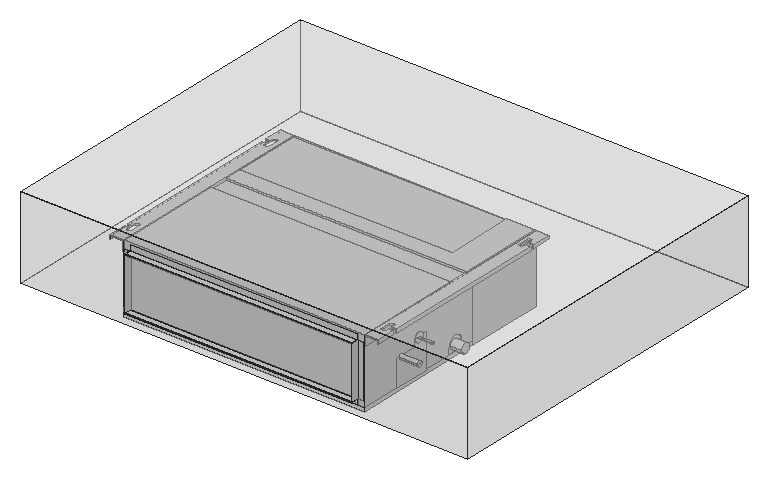
Revit family "outputfile", category 機械設備, Revit 2024
Family settings
  丸型コネクタ寸法 = 半径を使用
  パーツ タイプ = 標準
  OmniClass 番号 = 23.75.10.24.21.27.27
  OmniClass タイトル = Split System Air Conditioning Units
  作業面ベース = いいえ
  常に垂直 = はい
  ロード時にボイドで切り取り = いいえ
  注釈の向きを維持 = いいえ
  共有 = いいえ
  部屋計算ポイント = はい
Parameters (values of type "FXDQ25PDVTS")
  Description = ""
  製造元 = "Daikin"
  書き出し IFC クラス(タイプ) = "IfcUnitaryEquipmentType"
  定義済み IFC タイプ(タイプ) = "AIRCONDITIONINGUNIT"
  Cost = 0
  モデル = "FXDQ25PDVTS"
  Type Comments = ""
  Keynote = ""
  Type Image = (empty or 0)
  Assembly Code = ""
  w_pipe = 33.0 mm
  r_Liquid Pipe Size = Liquid Pipe Size / 2  # 3.2 mm
  r_Gas Pipe Size = Gas Pipe Size / 2  # 6.35 mm
  r_Drain Pipe Size = Drain Pipe Size / 2  # 10.0 mm
  lw_powersupply = 304.0 mm
  lh_suctionflange [instance] = if(Rear Connection_Return Air, 100.0 mm + [h***], 190.0 mm + [h***])  # 100.0 mm
  ld_suctionflange [instance] = if(Rear Connection_Return Air, 190.0 mm, 100.0 mm)  # 190.0 mm
  ld_powersupply = 60.0 mm
  angle_vertical_RA [instance] = if(Rear Connection_Return Air, 90.00°, 0.00°)  # 90.00°
  angle horizontal_RA [instance] = if(Rear Connection_Return Air, 180.00°, 270.00°)  # 180.00°
  Voltage_comment_50Hz = "220-240"
  Voltage_50Hz = 220 V
  URL = ""
  Supply Air Direction [instance] = yes
  Sound Power Level_H speed (dB) = 54
  Rear Connection_Return Air [instance] = not(Bottom Connection_Return Air)  # yes
  RA_length = 190.0 mm  # constant formula
  Phase_50Hz = 1
  Minimum External Static Pressure = 10.00 Pa
  Minimum Circuit Amps_50Hz = 0.7 A
  Maximum Fuse Amps_50Hz = 16.0 A
  Maximum External Static Pressure = 30.00 Pa
  Material_Casing = DAIKIN_GalvanizedSteel_Casing_indoorunit
  lw_liquidpipe = 46.0 mm  # constant formula
  lw_gaspipe = 57.0 mm  # constant formula
  lw_mountinghole_pitch = 740.0 mm  # constant formula
  lw_mountinghole = 20.0 mm  # constant formula
  lw_drainpipe = 33.0 mm  # constant formula
  lh_powersupply = 10.0 mm
  lh_liquidpipe = 110.0 mm
  lh_gaspipe = 87.0 mm
  lh_mountinghole = Height + [h***]  # 200.0 mm
  lh_drainpipe = 30.0 mm
  lh_antena = 1.0 mm  # constant formula
  ld_liquidpipe = 193.0 mm  # constant formula
  ld_gaspipe = 130.0 mm  # constant formula
  ld_mountinghole_pitch = 500.0 mm  # constant formula
  ld_drainpipe = 280.0 mm
  ld_controlbox = 626.0 mm  # constant formula
  h*** = 0.0 mm  # constant formula
  d_dischargeflange = 21.2 mm  # constant formula
  Width = 700.0 mm
  Version = "ver.1.0"
  Unit Type = "Slim Duct (Standard) Type"
  Unit Mass Weight = 23.00 kg
  Unit Designation [instance] = ""
  Uniclass2015Version = "Products v1.30"
  Uniclass2015Title = "Variable refrigerant flow units"
  Uniclass2015Code = "Pr_70_65_03_94"
  Total Heating Capacity [instance] = 0.000 kW
  Total Cooling Capacity [instance] = 0.000 kW
  Sound Pressure Level_M speed (dBA) = 0
  Sound Pressure Level_L speed (dBA) = 23
  Sound Pressure Level_H speed (dBA) = 28
  Series = "VRV Fan Coil Unit"
  Sensible Cooling Capacity [instance] = 0.000 kW
  SA Duct Size Width = 660.0 mm
  SA Duct Size Height = 153.0 mm
  Refrigerant Type = "R410A"
  RA Duct Size Width = 600.0 mm
  RA Duct Size Height = 180.0 mm
  Power Input (Heating) = 0.067 kW
  Power Input (Cooling) = 0.067 kW
  Option Accessory 3 [instance] = ""
  Option Accessory 2 [instance] = ""
  Option Accessory 1 [instance] = ""
  Nominal Heating Capacity = 3.200 kW
  Nominal Cooling Capacity = 2.800 kW
  Minimum Airflow = 384.00 m³/h
  Median Airflow = 432.00 m³/h
  Maximum Airflow = 480.00 m³/h
  Load Classification = HVAC
  Liquid Pipe Size = 6.4 mm
  Link_Nested Family [instance] = ""
  IfcVersion = "0"
  IfcExportType = "AIRCONDITIONINGUNIT"
  IfcExportAs = "IfcUnitaryEquipmentType"
  Height = 200.0 mm
  Heating Entering Wet Bulb Temperature [instance] = 0.00 °C
  Heating Entering Dry Bulb Temperature [instance] = 0.00 °C
  Heating Ambient Wet Bulb Temperature [instance] = 0.00 °C
  Heating Ambient Dry Bulb Temperature [instance] = 0.00 °C
  Heat Exchanger Type = "Cross Fin Coil"
  Gas Pipe Size = 12.7 mm
  Frequency_50Hz = 50 Hz
  Fan Type = "Sirocco Fan"
  Fan Drive = "Direct Drive"
  FCU Tag No. [instance] = ""
  Drain Pipe Size = 20.0 mm
  Design Supply Airflow [instance] = 0.00 m³/h
  Design Return Airflow [instance] = 0.00 m³/h
  Design External Static Pressure [instance] = 0.00 Pa
  Depth = 620.0 mm
  既定の高さ = 0.0 mm
  Cooling Entering Wet Bulb Temperature [instance] = 0.00 °C
  Cooling Entering Dry Bulb Temperature [instance] = 0.00 °C
  Cooling Ambient Wet Bulb Temperature [instance] = 0.00 °C
  Cooling Ambient Dry Bulb Temperature [instance] = 0.00 °C
  Clearance visibility [instance] = yes
  Clearance Top = 20.0 mm
  Clearance Right = 300.0 mm
  Clearance Rear = 400.0 mm
  Clearance Left = 300.0 mm
  Clearance Front = 0.0 mm
  Clearance Bottom = 20.0 mm
  Bottom Connection_Return Air [instance] = no
Reference planes
  plane 1 "Center (Front/Back)": y = 0
  plane 2: z = 0
  plane 3 "Center (Left/Right)": x = 0
  plane 4 "Back": y = 310
  plane 5 "Front": y = -310
  plane 6 "Left": x = -350
  plane 7 "Right": x = 350
  plane 8 "Top": z = 0
  plane 9 "Bottom": z = -200
  plane 10: x = 330
  plane 11: x = -330
  plane 12: z = -190
  plane 13: z = -6
  plane 14: z = -22
  plane 15: z = -90
  plane 16: z = -113
  plane 17: x = -304
  plane 18: x = 304
  plane 19: x = -370
  plane 20: x = 370
  plane 21: y = -250
  plane 22: y = 250
  plane 23: x = -390
  plane 24: x = 390
  plane 25: x = 396
  plane 26: x = 407
  plane 27: x = 383
  plane 28: z = 0
  plane 29: z = -170
  plane 30 "Clearance Left": x = -650
  plane 31 "Clearance Right": x = 650
  plane 32 "Clearance Rear": y = 710
  plane 33 "Clearance Front": y = -310
  plane 34 "Clearance Top": z = 20
  plane 35 "Clearance Bottom": z = -220
  plane 36: z = -21
  plane 37: z = -170
  plane 38: z = -96.5
  plane 39: x = -40
  plane 40: y = -180
  plane 41: y = -117
  plane 42: y = -30
  plane 43: y = 20
  plane 44: z = -97.5
  plane 45: y = -309
  plane 46: x = -349
  plane 47: z = -100
  plane 48: z = -30
  plane 49: y = 210
  plane 50: z = 301
  plane 51: z = -199
  plane 52: y = 120
  plane 53: z = -101
  plane 54: x = 380
  plane 55: z = 11
  plane 56: z = 102.5
Forms (mm)
  Extrusion 1, solid
    sketch origin (0, 0, 0) x (1, 0, 0) y (0, 0, 1)
      loop
        line (-350, -190) -> (-350, -200) -> (350, -200) -> (350, -190) -> (-350, -190)
    from -84 to 310
  Extrusion 2, solid, material "DAIKIN_GalvanizedSteel_Casing_indoorunit" <- "Material_Casing"
    sketch origin (0, 0, 0) x (1, 0, 0) y (0, 1, 0)
      loop
        line (-350, -309) -> (350, -309) -> (350, 310) -> (-350, 310) -> (-350, -309)
    from -200 to 0
  Extrusion 3, void
    sketch origin (0, 0, 1) x (1, 0, 0) y (0, 1, 0)
      loop
        line (-350, 62.179) -> (-350, 4.179) -> (350, 4.179) -> (350, 62.179) -> (-350, 62.179)
    from -1 to -7
  Extrusion 4, void
    sketch origin (0, 0, 0) x (0, 1, 0) y (0, 0, 1)
      loop
        line (-5, -190) -> (45, -190) -> (45, -170)
        arc (45, -170) -> (20, -145) -> (-5, -170) r 25
        line (-5, -170) -> (-5, -190)
    from 350 to 345
  Revolve 5, solid, material "DAIKIN_GalvanizedSteel_Casing_indoorunit" <- "Material_Casing"
    sketch origin (0, 0, -113) x (0, -1, 0) y (1, 0, 0)
      loop
        line (173.65, 351) -> (180, 351) -> (180, 407) -> (173.65, 407) -> (173.65, 351)
      axis (180, 351) -> (180, 407)
    angle from 0 to 360
  Revolve 6, solid, material "DAIKIN_GalvanizedSteel_Casing_indoorunit" <- "Material_Casing"
    sketch origin (0, 0, -90) x (0, -1, 0) y (1, 0, 0)
      loop
        line (117, 351) -> (117, 396) -> (113.8, 396) -> (113.8, 351) -> (117, 351)
      axis (117, 396) -> (117, 351)
    angle from 0 to 360
  Extrusion 7, solid, material "DAIKIN_GalvanizedSteel_Casing_indoorunit" <- "Material_Casing"
    sketch origin (0, 0, 0) x (0, 1, 0) y (0, 0, 1)
      loop
        circle (-116, -90) r 12.7
    from 350 to 355.007
  Extrusion 8, solid, material "DAIKIN_GalvanizedSteel_Casing_indoorunit" <- "Material_Casing"
    sketch origin (0, 0, 0) x (0, 1, 0) y (0, 0, 1)
      loop
        circle (20, -170) r 13
    from 345 to 380
  Extrusion 9, solid, material "DAIKIN_GalvanizedSteel_Casing_indoorunit" <- "Material_Casing"
    sketch origin (0, 0, 0) x (1, 0, 0) y (0, 0, 1)
      loop
        line (-350, -190) -> (-350, -200) -> (350, -200) -> (350, -190) -> (-350, -190)
    from -84 to 310
  Extrusion 10, solid, material "DAIKIN_GalvanizedSteel_Casing_indoorunit" <- "Material_Casing", visible <- "Bottom Connection_Return Air"
    sketch origin (0, 0, 0) x (1, 0, 0) y (0, 0, 1)
      loop
        line (269, -200) -> (269, -1) -> (-349, -1) -> (-349, -200) -> (269, -200)
    from -310 to -309
  Extrusion 11, void
    sketch origin (0, 0, 0) x (1, 0, 0) y (0, 0, 1)
      loop
        line (269, 0) -> (-349, 0) -> (-349, -1) -> (269, -1) -> (269, 0)
    from -310 to -111
  Extrusion 12, solid, material "DAIKIN_GalvanizedSteel_Casing_indoorunit" <- "Material_Casing", visible <- "Rear Connection_Return Air"
    sketch origin (0, 0, 0) x (1, 0, 0) y (0, 1, 0)
      loop
        line (-349, 310) -> (-349, 111) -> (269, 111) -> (269, 310) -> (-349, 310)
    from -200 to -199
  Extrusion 13, solid, material "DAIKIN_GalvanizedSteel_Casing_indoorunit" <- "Material_Casing"
    sketch origin (0, 0, 0) x (0, 1, 0) y (0, 0, 1)
      loop
        line (-194, -113) -> (-194, -190) -> (-88.3, -190) -> (-88.3, -90) -> (-103.3, -90)
        arc (-103.3, -90) -> (-116, -102.7) -> (-128.7, -90) r 12.7
        line (-128.7, -90) -> (-128.7, -113) -> (-173.65, -113)
        arc (-173.65, -113) -> (-180, -119.35) -> (-186.35, -113) r 6.35
        line (-186.35, -113) -> (-194, -113)
    from 351 to 350
  Extrusion 14, solid, material "DAIKIN_GalvanizedSteel_Casing_indoorunit" <- "Material_Casing"
    sketch origin (0, 0, 0) x (0, 1, 0) y (0, 0, 1)
      loop
        line (84, -199) -> (310, -199) -> (310, -22) -> (91, -22) -> (84, -29) -> (84, -199)
    from 351 to 350
Cuts and joins
  Extrusion 3, Extrusion 4, Extrusion 11 cuts Extrusion 2
  Extrusion 4 cuts Extrusion 1
  Extrusion 11 cuts Extrusion 9
Dimensions and locks
  "lh_powersupply": plane 12 to plane 9 "Bottom"
  locked: plane 8 "Top" to plane 13 at 6
  "Height": plane 8 "Top" to plane 9 "Bottom"
  equal spacing: plane 17, plane 3 "Center (Left/Right)", plane 18, locked at 304 each
  locked: plane 17 to plane 18 at 608
  equal spacing: plane 19, plane 3 "Center (Left/Right)", plane 20, locked at 370 each
  "lw_mountinghole_pitch": plane 19 to plane 20
  locked: plane 14 to plane 9 "Bottom" at 178
  "lw_mountinghole": plane 23 to plane 19
  "lh_liquidpipe": plane 15 to plane 9 "Bottom"
  "lh_gaspipe": plane 16 to plane 9 "Bottom"
  "lh_mountinghole": plane 28 to plane 9 "Bottom"
  "ld_mountinghole_pitch": plane 22 to plane 21
  equal spacing: plane 6 "Left", plane 3 "Center (Left/Right)", plane 7 "Right", locked at 350 each
  "Width": plane 6 "Left" to plane 7 "Right"
  "lh_drainpipe": plane 29 to plane 9 "Bottom"
  "Clearance Right": plane 7 "Right" to plane 31 "Clearance Right"
  "Clearance Left": plane 30 "Clearance Left" to plane 6 "Left"
  "lw_gaspipe": plane 7 "Right" to plane 26
  "lw_liquidpipe": plane 7 "Right" to plane 25
  "lw_drainpipe": plane 7 "Right" to plane 27
  "Clearance Rear": plane 32 "Clearance Rear" to plane 4 "Back"
  "Clearance Front": plane 5 "Front" to plane 33 "Clearance Front"
  "Clearance Top": plane 34 "Clearance Top" to plane 8 "Top"
  "Clearance Bottom": plane 9 "Bottom" to plane 35 "Clearance Bottom"
  "ld_powersupply": plane 4 "Back" to plane 22
  "lw_powersupply": plane 3 "Center (Left/Right)" to plane 18
  locked: plane 8 "Top" to plane 36 at 21
  locked: plane 8 "Top" to plane 37 at 170
  locked: plane 40 to plane 41 at 63
  locked: plane 38 to plane 9 "Bottom" at 103.5
  locked: plane 36 to plane 44 at 76.5
  "Depth": plane 4 "Back" to plane 5 "Front"
  equal spacing: plane 4 "Back", plane 1 "Center (Front/Back)", plane 5 "Front"
  locked: plane 45 to plane 5 "Front" at 1
  locked: plane 46 to plane 6 "Left" at 1
  Extrusion 10 sketch curve to Extrusion 10 sketch curve = 199.0 mm
  locked: nested 12 to plane 39 at 300
  locked: plane 12 to plane 47 at 90
  plane 32 "Clearance Rear" to Extrusion 10 = 401.0 mm
  locked: plane 48 to plane 35 "Clearance Bottom" at 190
  locked: plane 49 to nested 13 at 90
  plane 50 to plane 28 = 301.0 mm
  locked: plane 51 to plane 9 "Bottom" at 1
  "ld_suctionflange": plane 4 "Back" to plane 52
  locked: plane 53 to plane 9 "Bottom" at 99
  locked: plane 54 to plane 7 "Right" at 30
  aligned and locked: level to plane 2
  aligned and locked: Extrusion 2 to plane 9 "Bottom"
  aligned and locked: plane 8 "Top" to Extrusion 2
  aligned and locked: Revolve 5 sketch curve to Revolve 5 sketch curve
  aligned and locked: plane 15 to Extrusion 7 sketch curve
  aligned and locked: cut or joined group of Extrusion 1, Extrusion 4 to plane 9 "Bottom"
  aligned and locked: plane 24 to nested 1
  aligned and locked: nested 1 to plane 23
  aligned and locked: plane 25 to nested 6
  aligned and locked: nested 6 to plane 15
  aligned and locked: nested 2 to plane 22
  aligned and locked: plane 20 to nested 2
  aligned and locked: plane 20 to nested 3
  aligned and locked: plane 19 to nested 4
  aligned and locked: plane 22 to nested 5
  aligned and locked: nested 5 to plane 22
  aligned and locked: plane 19 to nested 5
  aligned and locked: plane 22 to nested 11
  aligned and locked: plane 18 to nested 11  (x2)
  aligned and locked: nested 11 to plane 18
  aligned and locked: plane 4 "Back" to nested 11
  aligned and locked: cut or joined group of Extrusion 2, Extrusion 3, Extrusion 4, Extrusion 11 to nested 11
  aligned and locked: nested 11 to plane 12
  aligned and locked: plane 8 "Top" to nested 1
  aligned and locked: Extrusion 9 to plane 5 "Front"
  aligned and locked: Extrusion 9 to plane 9 "Bottom"
  aligned and locked: nested 7 to plane 16
  aligned and locked: plane 4 "Back" to nested 1
  aligned and locked: plane 40 to nested 7
  aligned and locked: plane 41 to nested 6
  aligned and locked: Extrusion 8 sketch curve to plane 43
  aligned and locked: nested 12 to plane 46
  aligned and locked: plane 4 "Back" to Extrusion 11
  aligned and locked: Extrusion 12 to nested 13
  aligned and locked: plane 8 "Top" to Extrusion 3
  aligned and locked: Extrusion 10 to cut or joined group of Extrusion 2, Extrusion 3, Extrusion 4, Extrusion 11
  aligned and locked: plane 9 "Bottom" to Extrusion 12  (x2)
  aligned and locked: Extrusion 12 to plane 51
  aligned and locked: plane 4 "Back" to nested 12
  aligned and locked: Extrusion 11 to level
  aligned and locked: plane 32 "Clearance Rear" to nested 14
  aligned and locked: plane 31 "Clearance Right" to nested 14
  aligned and locked: plane 30 "Clearance Left" to nested 14
  aligned and locked: nested 14 to plane 33 "Clearance Front"
  aligned and locked: nested 14 to plane 34 "Clearance Top"
  aligned and locked: nested 14 to plane 35 "Clearance Bottom"
  aligned and locked: plane 7 "Right" to Extrusion 13
  aligned and locked: plane 4 "Back" to Extrusion 14
  aligned and locked: Extrusion 14 to plane 51
  aligned and locked: plane 7 "Right" to Extrusion 14
  aligned and locked: Extrusion 13 to Revolve 5 sketch curve
  aligned and locked: Extrusion 3 to plane 13
  aligned and locked: plane 52 to nested 15
  aligned and locked: Extrusion 11 to nested 13
  aligned and locked: Extrusion 8 to plane 54
  aligned and locked: nested 8 to plane 54
  aligned and locked: plane 43 to nested 8
  aligned and locked: nested 8 to plane 37
  aligned and locked: nested 10 to plane 1 "Center (Front/Back)"
  aligned and locked: plane 46 to Extrusion 10
  aligned and locked: nested 12 to plane 51
  aligned and locked: plane 3 "Center (Left/Right)" to nested 10
  aligned and locked: plane 13 to nested 16
  aligned and locked: plane 45 to nested 16
  aligned and locked: plane 44 to nested 9
  aligned and locked: level to plane 8 "Top"
Automatic sketch dimensions
  Extrusion 1 sketch curve to plane 6 "Left" = 0.0 mm
  Extrusion 1 sketch curve to plane 7 "Right" = 0.0 mm
  Extrusion 1 sketch curve to plane 9 "Bottom" = 0.0 mm
  Extrusion 1 sketch curve to plane 12 = 0.0 mm
  Extrusion 2 sketch curve to plane 4 "Back" = 0.0 mm
  Extrusion 2 sketch curve to plane 6 "Left" = 0.0 mm
  Extrusion 2 sketch curve to plane 7 "Right" = 0.0 mm
  Extrusion 2 sketch curve to plane 45 = 0.0 mm
  Extrusion 3 sketch curve to plane 6 "Left" = 0.0 mm
  Extrusion 3 sketch curve to plane 7 "Right" = 0.0 mm
  Extrusion 3 sketch curve to plane 1 "Center (Front/Back)" = 4.179 mm
  plane 43 to Extrusion 3 sketch curve = 42.179 mm
  Extrusion 4 sketch curve to plane 37 = 0.0 mm
  Extrusion 4 sketch curve to plane 12 = 0.0 mm
  Extrusion 4 sketch curve to plane 43 = 0.0 mm
  plane 1 "Center (Front/Back)" to Extrusion 4 sketch curve = 5.0 mm
  Revolve 6 sketch curve to plane 25 = 0.0 mm  (x2)
  Revolve 6 sketch curve to plane 41 = 0.0 mm  (x2)
  plane 41 to Revolve 6 sketch curve = 3.2 mm
  plane 7 "Right" to Revolve 6 sketch curve = 1.0 mm
  Revolve 6 sketch curve to Revolve 6 sketch curve = 0.0 mm
  plane 41 to Extrusion 7 sketch curve = 1.0 mm
  Extrusion 8 sketch curve to plane 37 = 0.0 mm
  Extrusion 9 sketch curve to plane 6 "Left" = 0.0 mm
  Extrusion 9 sketch curve to plane 7 "Right" = 0.0 mm
  Extrusion 9 sketch curve to plane 9 "Bottom" = 0.0 mm
  Extrusion 9 sketch curve to plane 12 = 0.0 mm
  plane 46 to Extrusion 10 sketch curve = 0.0 mm
  Extrusion 10 sketch curve to plane 18 = 35.0 mm
  plane 46 to Extrusion 11 sketch curve = 0.0 mm
  Extrusion 11 sketch curve to plane 18 = 35.0 mm
  Extrusion 11 sketch curve to plane 8 "Top" = 1.0 mm
  Extrusion 12 sketch curve to plane 46 = 0.0 mm
  Extrusion 12 sketch curve to plane 4 "Back" = 0.0 mm
  Extrusion 12 sketch curve to plane 18 = 35.0 mm
  plane 43 to Extrusion 12 sketch curve = 91.0 mm
  plane 35 "Clearance Bottom" to Extrusion 11 sketch curve = 220.0 mm
  Extrusion 10 sketch curve to plane 51 = 1.0 mm
  Extrusion 13 sketch curve to plane 12 = 0.0 mm
  Extrusion 13 sketch curve to plane 16 = 0.0 mm
  Extrusion 13 sketch curve to plane 40 = 0.0 mm
  Extrusion 13 sketch curve to plane 15 = 0.0 mm
  Extrusion 13 sketch curve to Extrusion 13 sketch curve = 6.35 mm
  Extrusion 13 sketch curve to Extrusion 13 sketch curve = 7.65 mm
  Extrusion 13 sketch curve to plane 41 = 11.7 mm
  plane 41 to Extrusion 13 sketch curve = 1.0 mm
  Extrusion 13 sketch curve to Extrusion 13 sketch curve = 27.7 mm
  Extrusion 14 sketch curve to plane 51 = 0.0 mm
  Extrusion 14 sketch curve to plane 14 = 0.0 mm
  plane 48 to Extrusion 14 sketch curve = 1.0 mm
  plane 43 to Extrusion 14 sketch curve = 64.0 mm
  Extrusion 14 sketch curve to Extrusion 14 sketch curve = 7.0 mm
  Extrusion 14 sketch curve to plane 4 "Back" = 0.0 mm
  Revolve 5 sketch curve to plane 26 = 0.0 mm
  Revolve 5 sketch curve to plane 40 = 0.0 mm
  Revolve 5 sketch curve to Revolve 5 sketch curve = 1.003 mm  (x2)
  plane 40 to Revolve 5 sketch curve = 6.35 mm
  radius of Extrusion 7 sketch curve = 12.7 mm
  radius of Extrusion 8 sketch curve = 13.0 mm
Nested families
  nested 1: "daikin_hangerfixture_FXDQ-PDVTS" at (0, 0.5, 0), type "daikin_hangerfixture_FXDQ-PDVTS"
  nested 2: "daikin_mountinghole" at (370, 250, -200), l_antenna <- "lh_antena", Link_Nested Family <- "Link_Nested Family", h_mountinghole <- "lh_mountinghole", type "daikin_mountinghole"
    with show yes, l_antenna 1.0 mm, h_mountinghole 200.0 mm, Link_Nested Family ""
  nested 3: "daikin_mountinghole" at (370, -250, -200), Link_Nested Family <- "Link_Nested Family", l_antenna <- "lh_antena", h_mountinghole <- "lh_mountinghole", type "daikin_mountinghole"
    with show yes, l_antenna 1.0 mm, h_mountinghole 200.0 mm, Link_Nested Family ""
  nested 4: "daikin_mountinghole" at (-370, -250, -200), l_antenna <- "lh_antena", Link_Nested Family <- "Link_Nested Family", h_mountinghole <- "lh_mountinghole", type "daikin_mountinghole"
    with show yes, l_antenna 1.0 mm, h_mountinghole 200.0 mm, Link_Nested Family ""
  nested 5: "daikin_mountinghole" at (-370, 250, -200), l_antenna <- "lh_antena", Link_Nested Family <- "Link_Nested Family", h_mountinghole <- "lh_mountinghole", type "daikin_mountinghole"
    with show yes, l_antenna 1.0 mm, h_mountinghole 200.0 mm, Link_Nested Family ""
  nested 6: "daikin_connector_rotate2" at (350, -117, -90) x (0, 1, 0) z (0, 0, 1), length <- "lw_liquidpipe", built-in parameter 1001364 <- "lh_liquidpipe", radius <- "r_Liquid Pipe Size", type "daikin_connector_rotate2"
    with radius 3.2 mm, length 46.0 mm, angle_vertical 90.00°, show_face no
  nested 7: "daikin_connector_rotate2" at (350, -180, -113) x (0, 1, 0) z (0, 0, 1), length <- "lw_gaspipe", built-in parameter 1001364 <- "lh_gaspipe", radius <- "r_Gas Pipe Size", type "daikin_connector_rotate2"
    with radius 6.35 mm, length 57.0 mm, angle_vertical 90.00°, show_face no
  nested 8: "daikin_connector_rotate2" at (347, 20, -170) x (0, 1, 0) z (0, 0, 1), built-in parameter 1001364 <- "lh_drainpipe", length <- "lw_drainpipe", radius <- "r_Drain Pipe Size", type "daikin_connector_rotate2"
    with radius 10.0 mm, length 33.0 mm, angle_vertical 90.00°, show_face no
  nested 9: "daikin_connector_rotate2" at (0, -309, -97.5), length <- "d_dischargeflange", type "daikin_connector_rotate2"
    with radius 10.0 mm, length 21.2 mm, angle_vertical 90.00°, show_face no
  nested 10: "daikin_△_symbolicline" at (-75, -129.904, 200) x (-0.5, 0.866, 0) z (0, 0, 1), built-in parameter 1001364 <- "Height", visible <- "Supply Air Direction", type "daikin_△_symbolicline"
    with length 300.0 mm
  nested 11: "daikin_connector_rotate2" at (304, 250, -190) x (-1, 0, 0) z (0, 0, 1), built-in parameter 1001364 <- "lh_powersupply", length <- "ld_powersupply", type "daikin_connector_rotate2"
    with radius 10.0 mm, length 60.0 mm, angle_vertical 90.00°, show_face no
  nested 12: "daikin_ductflange_FXDQ-PDVTS2" at (-40, 310, -100), visible <- "Rear Connection_Return Air", material <- "Material_Casing", type "daikin_ductflange_FXDQ-PDVTS2"
    with width 620.0 mm, material DAIKIN_GalvanizedSteel_Casing_indoorunit, height 180.0 mm, depth 21.2 mm
  nested 13: "daikin_ductflange_FXDQ-PDVTS2" at (-40, 210, -200) x (1, 0, 0) z (0, 1, 0), visible <- "Bottom Connection_Return Air", material <- "Material_Casing", type "daikin_ductflange_FXDQ-PDVTS2"
    with width 620.0 mm, material DAIKIN_GalvanizedSteel_Casing_indoorunit, height 180.0 mm, depth 21.2 mm
  nested 14: "daikin_clearancespace" at (0, 200, -99.881), visible <- "Clearance visibility", show <- "Clearance visibility", Link_Nested Family <- "Link_Nested Family", type "daikin_clearancespace"
    with width 1300.0 mm, show yes, height 240.0 mm, depth 1020.0 mm, Link_Nested Family ""
  nested 15: "daikin_connector_rotate3" at (-40, 120, -100), built-in parameter 1001364 <- "lh_suctionflange", angle_vertical <- "angle_vertical_RA", angle_horizontal <- "angle horizontal_RA", length <- "RA_length", type "daikin_connector_rotate3"
    with show no, radius 10.0 mm, length 190.0 mm, angle_vertical 90.00°, angle_horizontal 180.00°
  nested 16: "daikin_ductflange_FXDQ-PDVTS" at (0, 4.5, -364.201), type "daikin_ductflange_FXDQ-PDVTS"
    with width 660.0 mm, material DAIKIN_GalvanizedSteel_Casing_indoorunit, height 155.0 mm, depth 21.2 mm
Connectors
  piping at (407, -180, -113), diameter 12.7, driven by "r_Gas Pipe Size"
    settings: on nested 7, index 1, connector inside diameter 609.6 mm, connector length 0.0 mm, flow factor 0, pipe flow 0.00 m³/h, pressure drop 0.0 Pa, fitting loss kfactor 0, connector angle 0.00°, fixture units 0, engagement length 0.0 mm, angle of deflection 0.00°, flow configuration 1, flow direction 2, fitting loss method 0, system type 29, joint type 0, gender type 0, connector reference index -1, connector utility 0, adjustable connector no, is connector primary yes, connector description "Refrigerant Gas Piping"
  piping at (396, -117, -90), diameter 6.4, driven by "r_Liquid Pipe Size"
    settings: on nested 6, index 2, connector inside diameter 609.6 mm, connector length 0.0 mm, flow factor 0, pipe flow 0.00 m³/h, pressure drop 0.0 Pa, fitting loss kfactor 0, connector angle 0.00°, fixture units 0, engagement length 0.0 mm, angle of deflection 0.00°, flow configuration 1, flow direction 1, fitting loss method 0, system type 29, joint type 0, gender type 0, connector reference index -1, connector utility 0, adjustable connector no, is connector primary no, connector description "Refrigerant Liquid Piping"
  piping at (380, 20, -170), diameter 20, driven by "r_Drain Pipe Size"
    settings: on nested 8, index 3, connector inside diameter 609.6 mm, connector length 0.0 mm, flow factor 0, pipe flow 0.00 m³/h, pressure drop 0.0 Pa, fitting loss kfactor 0, connector angle 0.00°, fixture units 0, engagement length 0.0 mm, angle of deflection 0.00°, flow configuration 1, flow direction 2, fitting loss method 4, system type 16, joint type 0, gender type 0, connector reference index -1, connector utility 0, adjustable connector no, is connector primary no, connector description "Condensate Drain Piping"
  hvac at (0, -330.2, -97.5), driven by "SA Duct Size Height", driven by "SA Duct Size Width"
    settings: on nested 9, index 7, duct flow 0.00 m³/h, flow factor 0, pres drop 0.00 Pa, loss coef 0, conn angle 0.00°, conn width 660.0 mm, conn height 153.0 mm, conn diameter 609.6 mm, duct sys type 1, conn prof type 1, flow config 0, flow direction 2, loss method 4, conn ref index -1, conn util no, is conn primary yes, conn desc "SA Duct"
  electrical at (304, 310, -190), driven by "Load Classification"
    settings: on nested 11, index 9, voltage 0 V, apparent load 0 VA, apparent load phase1 0 VA, apparent load phase2 0 VA, apparent load phase3 0 VA, power factor 1, load classification "HVAC", number of poles 1, system type 30, power factor state 1, is connector primary yes, connector utility no, sub classification motor no, connector description "Power Supply"
  hvac at (-40, 310, -100), driven by "RA Duct Size Height", driven by "RA Duct Size Width"
    settings: on nested 15, index 10, duct flow 0.00 m³/h, flow factor 0, pres drop 0.00 Pa, loss coef 0, conn angle 0.00°, conn width 600.0 mm, conn height 180.0 mm, conn diameter 609.6 mm, duct sys type 2, conn prof type 1, flow config 0, flow direction 1, loss method 4, conn ref index -1, conn util no, is conn primary no, conn desc "RA Duct"
Definition of nested family "daikin_hangerfixture_FXDQ-PDVTS"
  Parameters (values of type "daikin_hangerfixture_FXDQ-PDVE")
    width = 48.0 mm
    material = none
    height = 65.0 mm
    depth = 619.0 mm
    Default Elevation = 0.0 mm
  Reference planes
    plane 1 "Center (Front/Back)": y = 0
    plane 2: z = 0
    plane 3 "Center (Left/Right)": x = 0
    plane 4: x = 350
    plane 5: y = 309.5
    plane 6: y = -309.5
  Forms (mm)
    Extrusion 1, solid, material <- "material"
      sketch origin (0, 0, 0) x (1, 0, 0) y (0, 0, 1)
        loop
          line (350, 0) -> (350, -30) -> (352.3, -30) -> (352.3, -2.3) -> (387.7, -2.3) -> (387.7, -10) -> (390, -10) -> (390, 0) -> (350, 0)
      from -309.5 to 309.5
    Extrusion 2, void
      sketch origin (0, 0, 0) x (0, 1, 0) y (0, 0, 1)
        loop
          line (309.5, -30) -> (309.5, -17.979) -> (87.935, -17.979) -> (75.914, -30) -> (309.5, -30)
      from 0 to 618
    Extrusion 3, void
      sketch origin (0, 0, 0) x (1, 0, 0) y (0, 1, 0)
        loop
          line (390, -244) -> (377, -244) -> (377, -237.5)
          arc (377, -237.5) -> (370, -230.5) -> (363, -237.5) r 7
          line (363, -237.5) -> (363, -263.5)
          arc (363, -263.5) -> (370, -270.5) -> (377, -263.5) r 7
          line (377, -263.5) -> (377, -257) -> (390, -257) -> (390, -244)
        loop
          line (390, 243) -> (390, 256) -> (377, 256) -> (377, 262.5)
          arc (377, 262.5) -> (370, 269.5) -> (363, 262.5) r 7
          line (363, 262.5) -> (363, 236.5)
          arc (363, 236.5) -> (370, 229.5) -> (377, 236.5) r 7
          line (377, 236.5) -> (377, 243) -> (390, 243)
      from -254.96 to 618
    Extrusion 4, solid, material <- "material"
      sketch origin (0, 0, 0) x (-1, 0, 0) y (0, 0, -1)
        loop
          line (350, 0) -> (390, 0) -> (390, 10) -> (387.7, 10) -> (387.7, 2.3) -> (352.3, 2.3) -> (352.3, 30) -> (350, 30) -> (350, 0)
      from -309.5 to 309.5
    Extrusion 5, void
      sketch origin (0, 0, 0) x (-1, 0, 0) y (0, -1, 0)
        loop
          line (390, 244) -> (390, 257) -> (377, 257) -> (377, 263.5)
          arc (377, 263.5) -> (370, 270.5) -> (363, 263.5) r 7
          line (363, 263.5) -> (363, 237.5)
          arc (363, 237.5) -> (370, 230.5) -> (377, 237.5) r 7
          line (377, 237.5) -> (377, 244) -> (390, 244)
        loop
          line (390, -243) -> (377, -243) -> (377, -236.5)
          arc (377, -236.5) -> (370, -229.5) -> (363, -236.5) r 7
          line (363, -236.5) -> (363, -262.5)
          arc (363, -262.5) -> (370, -269.5) -> (377, -262.5) r 7
          line (377, -262.5) -> (377, -256) -> (390, -256) -> (390, -243)
      from -254.96 to 618
  Cuts and joins
    Extrusion 2, Extrusion 3, Extrusion 5 cuts Extrusion 1
    Extrusion 5 cuts Extrusion 4
  Dimensions and locks
    locked: plane 4 to plane 3 "Center (Left/Right)" at 350
    equal spacing: plane 5, plane 1 "Center (Front/Back)", plane 6
    "depth": plane 5 to plane 6
    locked: plane 3 "Center (Left/Right)" to plane 4 at 350
    plane 6 to plane 1 "Center (Front/Back)" to plane 5 = 309.5 mm, 309.5 mm
    aligned and locked: level to plane 2
    aligned and locked: plane 5 to Extrusion 1
    aligned and locked: Extrusion 1 to plane 6
    aligned and locked: Extrusion 1 to plane 4
    aligned and locked: plane 5 to cut or joined group of Extrusion 1, Extrusion 2, Extrusion 3, Extrusion 5
    aligned and locked: cut or joined group of Extrusion 1, Extrusion 2, Extrusion 3, Extrusion 5 to plane 6
    aligned and locked: level to cut or joined group of Extrusion 1, Extrusion 2, Extrusion 3, Extrusion 5
    aligned and locked: plane 5 to cut or joined group of Extrusion 4, Extrusion 5
    aligned and locked: cut or joined group of Extrusion 4, Extrusion 5 to plane 6
  Automatic sketch dimensions
    Extrusion 1 sketch curve to plane 4 = 0.0 mm
    Extrusion 1 sketch curve to level = 0.0 mm
    plane 4 to Extrusion 1 sketch curve = 2.3 mm
    Extrusion 1 sketch curve to level = 2.3 mm
    Extrusion 1 sketch curve to Extrusion 1 sketch curve = 35.4 mm
    Extrusion 1 sketch curve to Extrusion 1 sketch curve = 2.3 mm
    Extrusion 1 sketch curve to Extrusion 1 sketch curve = 7.7 mm
    Extrusion 1 sketch curve to Extrusion 1 sketch curve = 27.7 mm
    Extrusion 2 sketch curve to plane 5 = 0.0 mm
    Extrusion 2 sketch curve to level = 17.979 mm
    Extrusion 2 sketch curve to plane 1 "Center (Front/Back)" = 87.935 mm
    Extrusion 2 sketch curve to level = 30.0 mm
    Extrusion 2 sketch curve to Extrusion 2 sketch curve = 12.021 mm
    plane 4 to Extrusion 3 sketch curve = 13.0 mm  (x2)
    Extrusion 3 sketch curve to Extrusion 3 sketch curve = 7.0 mm  (x4)
    Extrusion 3 sketch curve to Extrusion 3 sketch curve = 13.0 mm  (x4)
    plane 6 to Extrusion 3 sketch curve = 46.0 mm
    Extrusion 3 sketch curve to Extrusion 3 sketch curve = 6.5 mm  (x4)
    Extrusion 3 sketch curve to plane 5 = 73.0 mm
    Extrusion 4 sketch curve to level = 0.0 mm
    Extrusion 4 sketch curve to level = 30.0 mm
    Extrusion 4 sketch curve to plane 3 "Center (Left/Right)" = 350.0 mm
    Extrusion 4 sketch curve to Extrusion 4 sketch curve = 2.3 mm  (x2)
    Extrusion 4 sketch curve to level = 2.3 mm
    Extrusion 4 sketch curve to Extrusion 4 sketch curve = 35.4 mm
    Extrusion 4 sketch curve to Extrusion 4 sketch curve = 7.7 mm
    Extrusion 5 sketch curve to plane 5 = 73.0 mm
    Extrusion 5 sketch curve to plane 3 "Center (Left/Right)" = 363.0 mm  (x2)
    plane 6 to Extrusion 5 sketch curve = 72.0 mm
    Extrusion 5 sketch curve to Extrusion 5 sketch curve = 7.0 mm  (x4)
    Extrusion 5 sketch curve to Extrusion 5 sketch curve = 13.0 mm  (x4)
    Extrusion 5 sketch curve to Extrusion 5 sketch curve = 6.5 mm  (x4)
Definition of nested family "daikin_ductflange_FXDQ-PDVTS2"
  Parameters (values of type "daikin_ductflange_FXDQ-PDVE2")
    width [instance] = 620.0 mm
    material [instance] = none
    height [instance] = 180.0 mm
    depth [instance] = 21.2 mm
    Default Elevation = 0.0 mm
  Reference planes
    plane 1 "Center (Front/Back)": y = 0
    plane 2: z = 0
    plane 3 "Center (Left/Right)": x = 0
    plane 4: y = -313.5
    plane 5: y = -334.7
    plane 6: x = -310
    plane 7: x = 310
    plane 8: z = 90
    plane 9: z = -90
    plane 10: z = 100
    plane 11: z = -100
    plane 12: x = -309
    plane 13: x = 309
  Forms (mm)
    Extrusion 1, solid, material <- "material"
      sketch origin (0, 0, 0) x (1, 0, 0) y (0, 0, 1)
        loop
          line (-300, 90) -> (-300, -90) -> (300, -90) -> (300, 90) -> (-300, 90)
        loop
          line (-309, -99) -> (309, -99) -> (309, 99) -> (-309, 99) -> (-309, -99)
      from 0 to 1
  Dimensions and locks
    plane 4 to plane 1 "Center (Front/Back)" = 313.5 mm
    "depth": plane 5 to plane 4
    equal spacing: plane 7, plane 3 "Center (Left/Right)", plane 6, locked at 310 each
    "width": plane 7 to plane 6
    equal spacing: plane 8, level, plane 9, locked at 90 each
    "height": plane 8 to plane 9
    equal spacing: plane 10, level, plane 11, locked at 100 each
    locked: plane 10 to plane 11 at 200
    plane 12 to plane 6 = 1.0 mm
    locked: plane 7 to plane 13 at 1
    locked: Extrusion 1 sketch curve to Extrusion 1 sketch curve at 9  (x4)
    locked: plane 10 to Extrusion 1 sketch curve at 1
    locked: Extrusion 1 sketch curve to plane 11 at 1
    aligned and locked: level to plane 2
  Automatic sketch dimensions
    plane 6 to Extrusion 1 sketch curve = 1.0 mm
    Extrusion 1 sketch curve to plane 7 = 1.0 mm
Definition of nested family "daikin_clearancespace"
  Parameters (values of type "daikin_clearancespace")
    width [instance] = 1823.963 mm
    show [instance] = yes
    material = none
    height [instance] = 1359.762 mm
    depth [instance] = 880.0 mm
    Default Elevation = 0.0 mm
    Link_Nested Family [instance] = ""
  Reference planes
    plane 1 "Center (Front/Back)": y = 0
    plane 2 "Center (Elevation)": z = -0.119
    plane 3 "Center (Left/Right)": x = 0
    plane 4: y = 440
    plane 5: y = -440
    plane 6 "Right": x = 911.982
    plane 7 "Left": x = -911.982
    plane 8 "Top": z = 679.762
    plane 9 "Bottom": z = -680
  Forms (mm)
    Extrusion 1, solid, material <- "material", visible <- "show"
      sketch origin (0, 0, 0) x (1, 0, 0) y (0, 1, 0)
        loop
          line (-911.982, 440) -> (-911.982, -440) -> (911.982, -440) -> (911.982, 440) -> (-911.982, 440)
      from -680 to 679.762
  Lines and regions (mm)
    symbolic lines, visible <- "show"
      curve 1: line (911.982, 440, 0) -> (-911.982, 440, 0)
      curve 2: line (-911.982, 440, 0) -> (-911.982, -440, 0)
      curve 3: line (-911.982, -440, 0) -> (911.982, -440, 0)
      curve 4: line (911.982, -440, 0) -> (911.982, 440, 0)
      curve 5: line (911.982, 0, 679.762) -> (-911.982, 0, 679.762)
      curve 6: line (911.982, 0, -680) -> (911.982, 0, 679.762)
      curve 7: line (-911.982, 0, -680) -> (911.982, 0, -680)
      curve 8: line (-911.982, 0, 679.762) -> (-911.982, 0, -680)
      curve 9: line (0, 440, 679.762) -> (0, -440, 679.762)
      curve 10: line (0, -440, 679.762) -> (0, -440, -680)
      curve 11: line (0, 440, -680) -> (0, 440, 679.762)
      curve 12: line (0, -440, -680) -> (0, 440, -680)
  Dimensions and locks
    "width": plane 7 "Left" to plane 6 "Right"
    "depth": plane 4 to plane 5
    "height": plane 8 "Top" to plane 9 "Bottom"
    equal spacing: plane 7 "Left", plane 3 "Center (Left/Right)", plane 6 "Right"
    equal spacing: plane 4, plane 1 "Center (Front/Back)", plane 5
    equal spacing: plane 8 "Top", plane 2 "Center (Elevation)", plane 9 "Bottom"
    aligned and locked: level to plane 2 "Center (Elevation)"
    aligned and locked: Extrusion 1 sketch curve to plane 4
    aligned and locked: plane 7 "Left" to Extrusion 1 sketch curve
    aligned and locked: Extrusion 1 sketch curve to plane 5
    aligned and locked: Extrusion 1 sketch curve to plane 6 "Right"
    aligned and locked: plane 8 "Top" to Extrusion 1
    aligned and locked: curve 1 to Extrusion 1
    aligned and locked: curve 2 to Extrusion 1
    aligned and locked: curve 3 to Extrusion 1
    aligned and locked: curve 4 to Extrusion 1
    aligned and locked: curve 5 to Extrusion 1
    aligned and locked: curve 6 to Extrusion 1
    aligned and locked: curve 7 to Extrusion 1
    aligned and locked: curve 8 to Extrusion 1
    aligned and locked: curve 9 to Extrusion 1
    aligned and locked: curve 10 to Extrusion 1
    aligned and locked: curve 11 to Extrusion 1
    aligned and locked: curve 12 to Extrusion 1
    aligned and locked: Extrusion 1 to plane 9 "Bottom"
Definition of nested family "daikin_ductflange_FXDQ-PDVTS"
  Parameters (values of type "daikin_ductflange_FXDQ-PDVET")
    width [instance] = 660.0 mm
    material [instance] = none
    height [instance] = 155.0 mm
    depth [instance] = 21.2 mm
    Default Elevation = 0.0 mm
  Reference planes
    plane 1 "Center (Front/Back)": y = 0
    plane 2: z = 189.201
    plane 3 "Center (Left/Right)": x = 0
    plane 4: y = -313.5
    plane 5: x = -330
    plane 6: x = 330
    plane 7: y = -334.7
    plane 8: z = 344.201
    plane 9: z = 266.701
    plane 10: z = 343.201
    plane 11: z = 190.201
  Forms (mm)
    Extrusion 1, solid, material <- "material"
      sketch origin (0, 0, 189.201) x (1, 0, 0) y (0, 1, 0)
        loop
          line (-330, -334.7) -> (-330, -313.5) -> (-348, -313.5) -> (-348, -314.5) -> (-331, -314.5) -> (-331, -334.7) -> (-330, -334.7)
        loop
          line (330, -334.7) -> (331, -334.7) -> (331, -314.5) -> (348, -314.5) -> (348, -313.5) -> (330, -313.5) -> (330, -334.7)
      from 1 to 154
    Extrusion 2, solid, material <- "material"
      sketch origin (0, 0, 0) x (0, 1, 0) y (0, 0, 1)
        loop
          line (-313.5, 343.201) -> (-313.5, 358.201) -> (-314.5, 358.201) -> (-314.5, 344.201) -> (-334.7, 344.201) -> (-334.7, 343.201) -> (-313.5, 343.201)
        loop
          line (-313.5, 190.201) -> (-334.7, 190.201) -> (-334.7, 189.201) -> (-314.5, 189.201) -> (-314.5, 175.201) -> (-313.5, 175.201) -> (-313.5, 190.201)
      from -330 to 330
  Dimensions and locks
    plane 4 to plane 1 "Center (Front/Back)" = 313.5 mm
    "depth": plane 7 to plane 4
    equal spacing: plane 8, plane 9, level
    "height": plane 8 to level
    equal spacing: plane 6, plane 3 "Center (Left/Right)", plane 5, locked at 330 each
    "width": plane 6 to plane 5
    plane 5 to plane 6 = 660.0 mm
    locked: Extrusion 1 sketch curve to Extrusion 1 sketch curve at 660
    locked: plane 8 to plane 10 at 1
    locked: plane 11 to level at 1
    locked: Extrusion 1 to Extrusion 2 sketch curve at 1
    locked: Extrusion 2 sketch curve to Extrusion 1 at 1
    locked: Extrusion 1 sketch curve to Extrusion 1 sketch curve at 1  (x2)
    aligned and locked: level to plane 2
    aligned and locked: plane 4 to Extrusion 1  (x2)
    aligned and locked: plane 5 to Extrusion 1
    aligned and locked: Extrusion 1 to plane 7  (x2)
    aligned and locked: Extrusion 1 to plane 6
    aligned and locked: Extrusion 1 to plane 10
    aligned and locked: Extrusion 1 to plane 11
    aligned and locked: plane 10 to Extrusion 1
    aligned and locked: plane 11 to Extrusion 1
    aligned and locked: Extrusion 2 to plane 5
    aligned and locked: plane 5 to Extrusion 2
    aligned and locked: plane 6 to Extrusion 2
    aligned and locked: Extrusion 2 to plane 6
    aligned and locked: Extrusion 2 to plane 11
    aligned and locked: Extrusion 2 to plane 10
  Automatic sketch dimensions
    Extrusion 1 sketch curve to plane 4 = 0.0 mm  (x2)
    Extrusion 1 sketch curve to plane 7 = 0.0 mm  (x2)
    Extrusion 1 sketch curve to plane 5 = 0.0 mm
    Extrusion 1 sketch curve to plane 5 = 1.0 mm
    Extrusion 1 sketch curve to Extrusion 1 sketch curve = 17.0 mm  (x2)
    plane 6 to Extrusion 1 sketch curve = 1.0 mm
    Extrusion 2 sketch curve to plane 7 = 0.0 mm  (x2)
    Extrusion 2 sketch curve to plane 4 = 0.0 mm  (x2)
    Extrusion 2 sketch curve to plane 11 = 0.0 mm
    Extrusion 2 sketch curve to plane 10 = 0.0 mm
    Extrusion 2 sketch curve to plane 4 = 1.0 mm  (x2)
    Extrusion 2 sketch curve to level = 14.0 mm
    plane 8 to Extrusion 2 sketch curve = 14.0 mm
Definition of nested family "daikin_mountinghole"
  Parameters (values of type "daikin_mountinghole")
    Default Elevation = 1219.2 mm
    Type Comments = "mountinghole"
    show [instance] = yes
    material = none
    l_centerline = 100.0 mm
    l_antenna [instance] = 100.0 mm
    h_mountinghole [instance] = 0.0 mm
    d_circle = 30.0 mm
    Link_Nested Family [instance] = ""
  Reference planes
    plane 1 "Center (Front/Back)": y = 0
    plane 2: z = 0
    plane 3 "Center (Left/Right)": x = 0
    plane 4: y = 50
    plane 5: x = -50
    plane 6: x = 50
    plane 7: y = -50
    plane 8 "h_mountinghole": z = 0
    plane 9: z = 100
  Lines and regions (mm)
    model lines, detail levels fine
      curve 1: circle (0, 0, 0) r 15 normal (0, 0, 1)
      curve 2: line (-50, 0, 0) -> (50, 0, 0)
      curve 3: line (0, 50, 0) -> (0, -50, 0)
    symbolic lines, detail levels fine
      curve 4: circle (0, 0, 0) r 15 normal (0, 0, 1)
      curve 5: line (-50, 0, 0) -> (50, 0, 0)
      curve 6: line (0, 50, 0) -> (0, -50, 0)
    model lines
      curve 7: line (0, 0, 100) -> (0, 0, 0)
  Dimensions and locks
    equal spacing: plane 4, plane 1 "Center (Front/Back)", plane 7
    "l_centerline": plane 4 to plane 7
    equal spacing: plane 5, plane 3 "Center (Left/Right)", plane 6
    "l_centerline": plane 5 to plane 6
    "l_antenna": plane 9 to plane 8 "h_mountinghole"
    "h_mountinghole": plane 8 "h_mountinghole" to plane 2
    "d_circle": diameter of curve 1
    "d_circle": diameter of curve 4
    aligned and locked: level to plane 2
    aligned and locked: plane 1 "Center (Front/Back)" to curve 1
    aligned and locked: plane 3 "Center (Left/Right)" to curve 1
    aligned and locked: plane 1 "Center (Front/Back)" to curve 2
    aligned and locked: curve 3 to plane 3 "Center (Left/Right)"
    aligned and locked: plane 6 to curve 2
    aligned and locked: plane 5 to curve 2
    aligned and locked: plane 4 to curve 3
    aligned and locked: plane 7 to curve 3
    aligned and locked: plane 1 "Center (Front/Back)" to curve 4
    aligned and locked: plane 3 "Center (Left/Right)" to curve 4
    aligned and locked: plane 6 to curve 5
    aligned and locked: plane 5 to curve 5
    aligned and locked: plane 1 "Center (Front/Back)" to curve 5
    aligned and locked: plane 4 to curve 6
    aligned and locked: plane 7 to curve 6
    aligned and locked: curve 6 to plane 3 "Center (Left/Right)"
    aligned and locked: curve 7 to plane 3 "Center (Left/Right)"
    aligned and locked: plane 9 to curve 7
    aligned and locked: plane 8 "h_mountinghole" to curve 7
Definition of nested family "daikin_connector_rotate2"
  Parameters (values of type "daikin_connector_rotate2")
    show_face = yes
    radius [instance] = 10.0 mm
    length [instance] = 600.0 mm
    d_surface = 10.0 mm
    angle_vertical [instance] = 90.00°
    Default Elevation = 0.0 mm
  Reference planes
    plane 1 "Center (Front/Back)": y = 0
    plane 2: z = 0
    plane 3 "Center (Left/Right)": x = 0
  Forms (mm)
    Extrusion 1, solid, visible <- "show_face"
      sketch origin (0, -600, 0) x (1, 0, 0) y (0, 0, 1)
        loop
          circle (0, 0) r 10
      from 0 to -10
  Lines and regions (mm)
    reference lines
      curve 1: line (0, 0, 0) -> (0, -600, 0)
    symbolic lines
      curve 2: circle (0, 0, 0) r 5 normal (0, 0, 1)
    model lines, visible <- "show_face"
      curve 3: line (0, 0, 0) -> (0, -600, 0)
  Dimensions and locks
    "length": curve 1 to curve 1
    "length": curve 3 to curve 3
    "d_surface": Extrusion 1 to Extrusion 1
    "radius": radius of Extrusion 1 sketch curve
    "angle_vertical": angle curve 1 to plane 1 "Center (Front/Back)"
    "angle_vertical": angle curve 3 to plane 1 "Center (Front/Back)"
    aligned and locked: level to plane 2
    aligned and locked: plane 1 "Center (Front/Back)" to curve 1
    aligned and locked: plane 2 to curve 1
    aligned and locked: plane 1 "Center (Front/Back)" to curve 2
    aligned and locked: plane 3 "Center (Left/Right)" to curve 2
    aligned and locked: plane 1 "Center (Front/Back)" to curve 3
    aligned and locked: plane 2 to curve 3
    aligned and locked: Extrusion 1 to Extrusion 1
  Automatic sketch dimensions
    Extrusion 1 sketch curve to level = 0.0 mm
    Extrusion 1 sketch curve to plane 3 "Center (Left/Right)" = 0.0 mm
    radius of curve 2 = 5.0 mm
Definition of nested family "daikin_△_symbolicline"
  Parameters (values of type "daikin_△_symbolicline")
    length [instance] = 500.0 mm
    Default Elevation = 0.0 mm
  Reference planes
    plane 1 "Center (Front/Back)": y = 0
    plane 2: z = 0
    plane 3 "Center (Left/Right)": x = 0
  Lines and regions (mm)
    symbolic lines
      curve 1: line (0, -433.013, 0) -> (250, 0, 0)
      curve 2: line (250, 0, 0) -> (-250, 0, 0)
      curve 3: line (-250, 0, 0) -> (0, -433.013, 0)
  Dimensions and locks
    equal spacing: curve 3, plane 3 "Center (Left/Right)", curve 2
    "length": curve 3 to curve 2
    "length": curve 3 to curve 3
    "length": curve 1 to curve 1
    aligned and locked: level to plane 2
    aligned and locked: curve 2 to plane 1 "Center (Front/Back)"
    aligned and locked: plane 3 "Center (Left/Right)" to curve 3
Definition of nested family "daikin_connector_rotate3"
  Parameters (values of type "daikin_connector_rotate3")
    Default Elevation = 1219.2 mm
    show [instance] = yes
    radius [instance] = 10.0 mm
    length [instance] = 600.0 mm
    angle_horizontal [instance] = 60.00°
    angle_vertical [instance] = 90.00°
  Reference planes
    plane 1 "Center (Front/Back)": y = 0
    plane 2: z = 0
    plane 3 "Center (Left/Right)": x = 0
  Dimensions and locks
    "angle_horizontal": angle plane 3 "Center (Left/Right)" to nested 1
    aligned and locked: level to plane 2
    aligned and locked: plane 1 "Center (Front/Back)" to nested 1  (x2)
    aligned and locked: plane 3 "Center (Left/Right)" to nested 1
  Nested families
    nested 1: "daikin_connector_rotate2" at (0, 0, 0) x (0.5, 0.866, 0) z (0, 0, 1), angle_vertical <- "angle_vertical", length <- "length", radius <- "radius", type "daikin_connector_rotate2"
      with radius 10.0 mm, length 600.0 mm, angle_vertical 90.00°
  Definition of nested family "daikin_connector_rotate2"
    Parameters (values of type "daikin_connector_rotate2")
      show_face = yes
      radius [instance] = 10.0 mm
      length [instance] = 600.0 mm
      d_surface = 10.0 mm
      angle_vertical [instance] = 90.00°
      Default Elevation = 0.0 mm
    Reference planes
      plane 1 "Center (Front/Back)": y = 0
      plane 2: z = 0
      plane 3 "Center (Left/Right)": x = 0
    Forms (mm)
      Extrusion 1, solid, visible <- "show_face"
        sketch origin (0, -600, 0) x (1, 0, 0) y (0, 0, 1)
          loop
            circle (0, 0) r 10
        from 0 to -10
    Lines and regions (mm)
      reference lines
        curve 1: line (0, 0, 0) -> (0, -600, 0)
      symbolic lines
        curve 2: circle (0, 0, 0) r 5 normal (0, 0, 1)
      model lines, visible <- "show_face"
        curve 3: line (0, 0, 0) -> (0, -600, 0)
    Dimensions and locks
      "length": curve 1 to curve 1
      "length": curve 3 to curve 3
      "d_surface": Extrusion 1 to Extrusion 1
      "radius": radius of Extrusion 1 sketch curve
      "angle_vertical": angle curve 1 to plane 1 "Center (Front/Back)"
      "angle_vertical": angle curve 3 to plane 1 "Center (Front/Back)"
      aligned and locked: level to plane 2
      aligned and locked: plane 1 "Center (Front/Back)" to curve 1
      aligned and locked: plane 2 to curve 1
      aligned and locked: plane 1 "Center (Front/Back)" to curve 2
      aligned and locked: plane 3 "Center (Left/Right)" to curve 2
      aligned and locked: plane 1 "Center (Front/Back)" to curve 3
      aligned and locked: plane 2 to curve 3
      aligned and locked: Extrusion 1 to Extrusion 1
    Automatic sketch dimensions
      Extrusion 1 sketch curve to level = 0.0 mm
      Extrusion 1 sketch curve to plane 3 "Center (Left/Right)" = 0.0 mm
      radius of curve 2 = 5.0 mm
